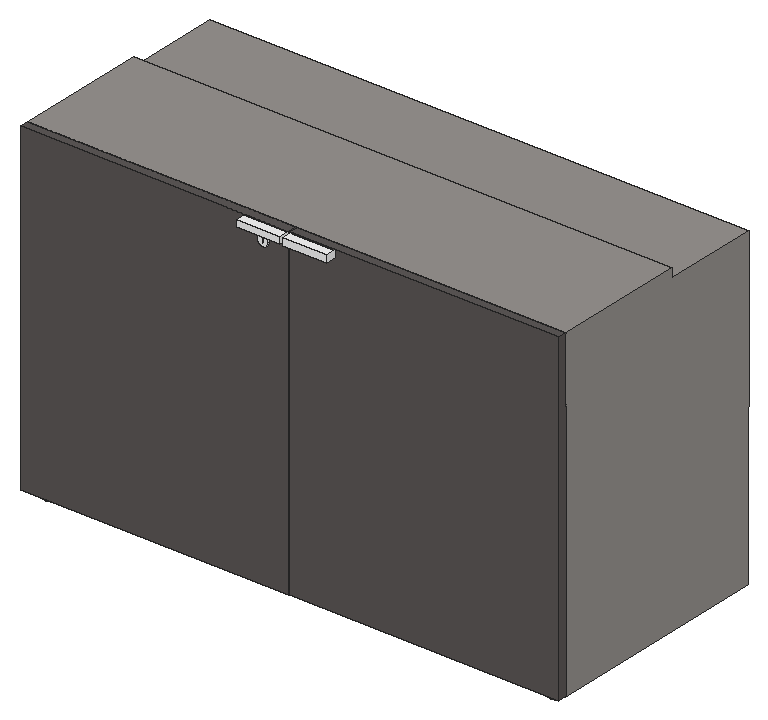
Revit family "Storage-Secondary_Desks-Teknion-BSSD_Cabinet-R2015", category Furniture, Revit 2015
Parameters (values of type "End - 1-3/16" Thick")
  Width [instance] = 42.000"
  Warranty = "http://www.teknion.com/ca/papers/legal-canada"
  Unit Weight URL = "http://www.teknion.com/ca/tools/assets#&asset=bee6a381-b954-425e-8283-5a2de3a804f2,f828d448-4b62-4231-9e5f-9a8991c0ed77"
  URL = "www.teknion.com"
  Two Door Cut Hole Depth [instance] = if(Width > 18.000", 3.000", 1.000")  # 3.000"
  Sustainability Data = "http://www.teknion.com/ca/tools/assets#&topic=216f99a5-57a0-44fc-b10a-9dee9b29ae4c&asset=444deb64-fe58-4b68-981e-f75e97781df7"
  Series = "Expansion Casegoods"  # constant formula
  Pull Finish [instance] = Mica - Teknion - V - Satin - Very White
  Product Page URL = "http://www.teknion.com/ca/products/product-details?productlineid=0053336e-8e7a-673b-a6c8-ff00004460c4"
  Product Line = "Expansion Casegoods"  # constant formula
  Product Documentation Link = "http://www.teknion.com/pricing/expansion-casegoods/pdfs/BSSD_ppg.pdf"
  Part Number = "BSSDM"  # constant formula
  One Door [instance] = if(Width = 18.000", 1 < 2, 1 > 2)  # no
  Model = "BSSDMNH___"
  Manufacturer Phone = "416-661-3370"  # constant formula
  Manufacturer Fax = "416.661.4586"  # constant formula
  Manufacturer Contact Information = "http://www.teknion.com/ca/contactus"
  Manufacturer Address = "1150 Flint Road, Toronto, ON. M3J 2J5. Canada"  # constant formula
  Manufacturer = "Teknion"  # constant formula
  Lock Offset [instance] = if(Width = 18.000", Actual Width / 2 - 1.260", 1.949")  # 1.949"
  Door Front Finish [instance] = Veneer - Teknion - VB - Flintwood - Black Walnut
  Description = "Cabinet for Sec Desk-End Position, Not Under H-A Run-Off, High, 1-3/16\" Thick WS"
  Case Finish [instance] = Source Laminate - Teknion - DE - Latte
  Available Widths [instance] = "18, 24, 30, 36, and 42 inches."  # constant formula
  Assembly Code = "E2020200"
  Actual Width [instance] = if(Width = 42.000", 40.655", if(Width = 36.000", 34.685", if(Width = 30.000", 28.715", if(Width = 24.000", 22.745", 16.775"))))  # 40.655"
  Two Doors [instance] = if(Width > 18.000", 1 < 2, 1 > 2)  # yes
  2D Swing Width [instance] = Actual Width / 2  # 20.3275"
Reference planes (in)
  plane 1 "Center Front/Back": y = 0
  plane 2: z = 0
  plane 3 "Center Left/Right": x = 0.00012
  plane 4 "Left": x = -20.32738
  plane 5 "Right": x = 20.32762
  plane 6 "Back": y = 8.61024
  plane 7 "Front": y = -8.61024
  plane 8 "Top": z = 25.25984
  plane 9: z = 0.60236
  plane 10: z = 24.55906
  plane 11: y = 1.36614
  plane 12: y = -9.31102
  plane 13: z = 0.6811
  plane 14: x = -0.05894
  plane 15: x = 0.05917
  plane 16: y = -10.06299
  plane 17: y = -9.37008
  plane 18: x = -3.39988
  plane 19: x = 3.40012
  plane 20: x = -0.11799
  plane 21: x = 0.11823
  plane 22: z = 24.70079
  plane 23: z = 25.20079
  plane 24: y = -11.06102
Forms (in)
  Extrusion 1, solid, material "Source Laminate - Teknion - DE - Latte" <- "Case Finish"
    sketch origin (0.00012, 0, 0) x (0, 1, 0) y (0, 0, 1)
      loop
        line (8.61024, 24.55906) -> (1.36614, 24.55906) -> (1.36614, 25.25984) -> (-8.61024, 25.25984) -> (-8.61024, 0.60236) -> (8.61024, 0.60236) -> (8.61024, 24.55906)
    from -20.3275 to 20.3275
  Extrusion 2, solid, material "Veneer - Teknion - VB - Flintwood - Black Walnut" <- "Door Front Finish"
    sketch origin (0, 0, 0) x (1, 0, 0) y (0, 0, 1)
      loop
        line (20.32762, 25.25984) -> (-20.32738, 25.25984) -> (-20.32738, 0.6811) -> (20.32762, 0.6811) -> (20.32762, 25.25984)
    from 8.61024 to 9.31102
  Extrusion 3, solid, material "Mica - Teknion - V - Satin - Very White" <- "Pull Finish", visible <- "Two Doors"
    sketch origin (0, 0, 0) x (1, 0, 0) y (0, 1, 0)
      loop
        line (-3.39988, -9.31102) -> (-3.39988, -10.06299) -> (-0.11799, -10.06299) -> (-0.11799, -9.31102) -> (-3.39988, -9.31102)
    from 24.70079 to 25.20079
  Extrusion 4, solid, material "Mica - Teknion - V - Satin - Very White" <- "Pull Finish", visible <- "Two Doors"
    sketch origin (3.51811, 0, 0) x (1, 0, 0) y (0, 1, 0)
      loop
        line (-3.39988, -9.31102) -> (-3.39988, -10.06299) -> (-0.11799, -10.06299) -> (-0.11799, -9.31102) -> (-3.39988, -9.31102)
    from 24.70079 to 25.20079
  Extrusion 5, solid, material "Mica - Teknion - V - Satin - Very White"
    sketch origin (0, 0, 0) x (1, 0, 0) y (0, 0, 1)
      loop
        circle (-1.94888, 24) r 0.39696
      loop
        line (-1.89967, 24.18701) -> (-1.99809, 24.18701) -> (-1.99809, 23.81299) -> (-1.89967, 23.81299) -> (-1.89967, 24.18701)
    from 9.31102 to 9.37008
  Extrusion 6, solid, material "Plastic - Teknion - E - Ebony"
    sketch origin (0, 0, 0) x (1, 0, 0) y (0, 1, 0)
      loop
        circle (-19.06781, 7.97226) r 0.5
    from 0 to 0.60236
  Extrusion 7, solid, material "Plastic - Teknion - E - Ebony"
    sketch origin (0, 0, 0) x (-1, 0, 0) y (0, -1, 0)
      loop
        circle (-19.06804, -7.97226) r 0.5
    from 0 to 0.60236
  Extrusion 8, solid, material "Plastic - Teknion - E - Ebony"
    sketch origin (0, 0, 0) x (1, 0, 0) y (0, 1, 0)
      loop
        circle (-19.06781, -7.97226) r 0.5
    from 0 to 0.60236
  Extrusion 9, solid, material "Plastic - Teknion - E - Ebony"
    sketch origin (0, 0, 0) x (-1, 0, 0) y (0, -1, 0)
      loop
        circle (-19.06804, 7.97226) r 0.5
    from 0 to 0.60236
  Extrusion 10, void
    sketch origin (0, 0, 0) x (1, 0, 0) y (0, 0, 1)
      loop
        line (-0.05894, 25.25984) -> (-0.05894, 0.60236) -> (0.05917, 0.60236) -> (0.05917, 25.25984) -> (-0.05894, 25.25984)
    from 8.06102 to 11.06102
  Extrusion 11, solid, material "Mica - Teknion - V - Satin - Very White" <- "Pull Finish", visible <- "One Door"
    sketch origin (0, 0, 0) x (1, 0, 0) y (0, 1, 0)
      loop
        line (-3.39988, -9.31102) -> (-3.39988, -10.06299) -> (3.40012, -10.06299) -> (3.40012, -9.31102) -> (-3.39988, -9.31102)
    from 24.70079 to 25.20079
Cuts and joins
  Extrusion 10 cuts Extrusion 2
Lines and regions (in)
  Masking region 1
    outline origin (0, 0, 0) x (1, 0, 0) y (0, 1, 0)
      loop
        line (-20.32738, 8.61024) -> (-20.32738, -9.31102) -> (20.32762, -9.31102) -> (20.32762, 8.61024) -> (-20.32738, 8.61024)
  Masking region 2, visible <- "Two Doors"
    outline origin (0, 0, 0) x (1, 0, 0) y (0, 1, 0)
      loop
        line (-0.11799, -10.06299) -> (-0.11799, -9.31102) -> (-3.39988, -9.31102) -> (-3.39988, -10.06299) -> (-0.11799, -10.06299)
  Masking region 3, visible <- "Two Doors"
    outline origin (0, 0, 0) x (1, 0, 0) y (0, 1, 0)
      loop
        line (0.11823, -10.06299) -> (3.40012, -10.06299) -> (3.40012, -9.31102) -> (0.11823, -9.31102) -> (0.11823, -10.06299)
  Masking region 4
    outline origin (0, 0, 0) x (1, 0, 0) y (0, 1, 0)
      loop
        line (-1.55192, -9.37008) -> (-1.55192, -9.31102) -> (-2.34584, -9.31102) -> (-2.34584, -9.37008) -> (-1.55192, -9.37008)
  Masking region 5, visible <- "One Door"
    outline origin (0, 0, 0) x (1, 0, 0) y (0, 1, 0)
      loop
        line (3.40012, -9.31102) -> (-3.39988, -9.31102) -> (-3.39988, -10.06299) -> (3.40012, -10.06299) -> (3.40012, -9.31102)
  symbolic lines, style "FurnitureHiddenLines", detail levels fine
    curve 1: arc (-19.56781, 7.97226, 0) -> (-19.06781, 7.47226, 0) -> (-18.56781, 7.97226, 0) r 0.5
    curve 2: arc (-18.56781, 7.97226, 0) -> (-19.06781, 8.47226, 0) -> (-19.56781, 7.97226, 0) r 0.5
    curve 3: arc (18.56804, 7.97226, 0) -> (19.06804, 7.47226, 0) -> (19.56804, 7.97226, 0) r 0.5
    curve 4: arc (19.56804, 7.97226, 0) -> (19.06804, 8.47226, 0) -> (18.56804, 7.97226, 0) r 0.5
    curve 5: arc (19.56804, -7.97226, 0) -> (19.06804, -7.47226, 0) -> (18.56804, -7.97226, 0) r 0.5
    curve 6: arc (18.56804, -7.97226, 0) -> (19.06804, -8.47226, 0) -> (19.56804, -7.97226, 0) r 0.5
    curve 7: arc (-18.56781, -7.97226, 0) -> (-19.06781, -7.47226, 0) -> (-19.56781, -7.97226, 0) r 0.5
    curve 8: arc (-19.56781, -7.97226, 0) -> (-19.06781, -8.47226, 0) -> (-18.56781, -7.97226, 0) r 0.5
  symbolic lines, detail levels medium+fine
    curve 9: line (20.32762, -8.61024, 0) -> (-20.32738, -8.61024, 0)
    curve 12: line (20.32762, 1.36614, 0) -> (-20.32738, 1.36614, 0)
  symbolic lines, visible <- "Two Doors", detail levels fine
    curve 10: line (-0.05894, -8.61024, 0) -> (-0.05894, -9.31102, 0)
    curve 11: line (0.05917, -9.31102, 0) -> (0.05917, -8.61024, 0)
  symbolic lines, style "FurnitureHiddenLines", visible <- "Two Doors"
    curve 13: line (0.00012, 0, 24.55906) -> (-20.32738, 0, 12.9311)
    curve 14: line (-20.32738, 0, 12.9311) -> (-0.02945, 0, 0.62754)
    curve 15: line (0.00012, 0, 24.55906) -> (20.32762, 0, 12.9311)
    curve 16: line (20.32762, 0, 12.9311) -> (-0.02945, 0, 0.62754)
  symbolic lines, style "FurnitureHiddenLines", visible <- "One Door"
    curve 17: line (-20.32738, 0, 24.55906) -> (20.32762, 0, 12.97047)
    curve 18: line (20.32762, 0, 12.9311) -> (-20.32738, 0, 0.6811)
Dimensions and locks (in)
  equal spacing: plane 4 "Left", plane 3 "Center Left/Right", plane 5 "Right"
  equal spacing: plane 6 "Back", plane 1 "Center Front/Back", plane 7 "Front"
  plane 8 "Top" to level = 25.25984"
  locked: plane 9 to plane 2 at 0.60236
  locked: plane 11 to plane 1 "Center Front/Back" at 1.36614
  locked: plane 8 "Top" to plane 10 at 0.70079
  locked: plane 7 "Front" to plane 12 at 0.70079
  "Actual Width": plane 4 "Left" to plane 5 "Right"
  locked: plane 7 "Front" to plane 6 "Back" at 17.22047
  locked: plane 13 to plane 9 at 0.07874
  plane 15 to plane 3 "Center Left/Right" to plane 14 = 0.05906" locked, 0.05906" locked
  locked: plane 16 to plane 12 at 0.75197
  locked: plane 12 to plane 17 at 0.05906
  plane 20 to plane 3 "Center Left/Right" to plane 21 = 0.11811" locked, 0.11811" locked
  plane 18 to plane 3 "Center Left/Right" to plane 19 = 3.400" locked, 3.400" locked
  plane 8 "Top" to plane 23 to plane 22 = 0.05906" locked, 0.500" locked
  plane 8 "Top" to Extrusion 5 sketch curve to Extrusion 5 sketch curve to Extrusion 5 sketch curve = 1.07283" locked, 0.18701" locked, 0.18701" locked
  locked: plane 6 "Back" to Extrusion 6 sketch curve at 0.63797
  locked: plane 4 "Left" to Extrusion 6 sketch curve at 1.25958
  locked: Extrusion 7 sketch curve to plane 5 "Right" at 1.25958
  locked: plane 6 "Back" to Extrusion 7 sketch curve at 0.63797
  locked: plane 7 "Front" to Extrusion 8 sketch curve at 0.63797
  locked: plane 4 "Left" to Extrusion 8 sketch curve at 1.25958
  locked: Extrusion 9 sketch curve to plane 5 "Right" at 1.25958
  locked: plane 7 "Front" to Extrusion 9 sketch curve at 0.63797
  locked: plane 12 to plane 24 at 1.75
  "Two Door Cut Hole Depth": Extrusion 10 to plane 24
  "Lock Offset": Extrusion 5 sketch curve to plane 3 "Center Left/Right"
  Extrusion 5 sketch curve to Extrusion 5 sketch curve to Extrusion 5 sketch curve = 0.04921" locked, 0.04921" locked
  aligned and locked: level to plane 2
  aligned and locked: plane 10 to Extrusion 1 sketch curve
  aligned and locked: plane 6 "Back" to Extrusion 1 sketch curve
  aligned and locked: plane 9 to Extrusion 1 sketch curve
  aligned and locked: Extrusion 1 sketch curve to plane 7 "Front"
  aligned and locked: plane 11 to Extrusion 1 sketch curve
  aligned and locked: plane 8 "Top" to Extrusion 1 sketch curve
  aligned and locked: Extrusion 1 to plane 4 "Left"
  aligned and locked: Extrusion 1 to plane 5 "Right"
  aligned and locked: Extrusion 2 sketch curve to plane 13
  aligned and locked: Extrusion 2 sketch curve to plane 4 "Left"
  aligned and locked: Extrusion 2 sketch curve to plane 8 "Top"
  aligned and locked: plane 12 to Extrusion 2
  aligned and locked: Extrusion 2 to plane 7 "Front"
  aligned and locked: Extrusion 3 sketch curve to plane 18
  aligned and locked: Extrusion 3 sketch curve to plane 16
  aligned and locked: Extrusion 3 sketch curve to plane 20
  aligned and locked: Extrusion 3 sketch curve to plane 12
  aligned and locked: plane 22 to Extrusion 3
  aligned and locked: plane 23 to Extrusion 3
  aligned and locked: Extrusion 4 to plane 21
  aligned and locked: plane 19 to Extrusion 4
  aligned and locked: plane 22 to Extrusion 4
  aligned and locked: plane 23 to Extrusion 4
  aligned and locked: Extrusion 4 sketch curve to plane 21
  aligned and locked: Extrusion 4 sketch curve to plane 12
  aligned and locked: Extrusion 4 sketch curve to plane 19
  aligned and locked: Extrusion 4 sketch curve to plane 16
  aligned and locked: Extrusion 5 to plane 17
  aligned and locked: Extrusion 5 to plane 12
  aligned and locked: Extrusion 6 to plane 2
  aligned and locked: plane 9 to Extrusion 6
  aligned and locked: Extrusion 8 to plane 2
  aligned and locked: plane 2 to Extrusion 8
  aligned and locked: Extrusion 9 to plane 2
  aligned and locked: Extrusion 7 to plane 2
  aligned and locked: plane 9 to Extrusion 9
  aligned and locked: plane 9 to Extrusion 7
  aligned and locked: plane 9 to Extrusion 8
  aligned and locked: Extrusion 8 to plane 9
  aligned and locked: plane 5 "Right" to Extrusion 2 sketch curve
  aligned and locked: Extrusion 10 sketch curve to plane 14
  aligned and locked: Extrusion 10 sketch curve to plane 15
  aligned and locked: Extrusion 10 sketch curve to plane 8 "Top"
  aligned and locked: Extrusion 10 sketch curve to plane 9
  aligned and locked: Extrusion 10 to plane 24
  aligned and locked: Masking region 1 sketch curve to plane 4 "Left"
  aligned and locked: Masking region 1 sketch curve to plane 6 "Back"
  aligned and locked: Masking region 1 sketch curve to plane 5 "Right"
  aligned and locked: Masking region 1 sketch curve to plane 12
  aligned and locked: curve 1 to Extrusion 6
  aligned and locked: curve 2 to Extrusion 6
  aligned and locked: curve 3 to Extrusion 7
  aligned and locked: curve 4 to Extrusion 7
  aligned and locked: curve 5 to Extrusion 9
  aligned and locked: curve 6 to Extrusion 9
  aligned and locked: curve 7 to Extrusion 8
  aligned and locked: curve 8 to Extrusion 8
  aligned and locked: Masking region 4 sketch curve to Extrusion 5  (x3)
  aligned and locked: plane 12 to Masking region 4 sketch curve
  aligned and locked: curve 10 to cut or joined group of Extrusion 2, Extrusion 10
  aligned and locked: cut or joined group of Extrusion 2, Extrusion 10 to curve 11
  aligned and locked: Extrusion 11 sketch curve to plane 18
  aligned and locked: Extrusion 11 sketch curve to plane 19
  aligned and locked: Extrusion 11 sketch curve to plane 12
  aligned and locked: plane 16 to Extrusion 11 sketch curve
  aligned and locked: plane 23 to Extrusion 11
  aligned and locked: plane 22 to Extrusion 11
  aligned and locked: Masking region 5 sketch curve to plane 19
  aligned and locked: Masking region 5 sketch curve to plane 16
  aligned and locked: Masking region 5 sketch curve to plane 18
  aligned and locked: Masking region 5 sketch curve to plane 12
  aligned and locked: Masking region 2 sketch curve to plane 12
  aligned and locked: Masking region 3 sketch curve to Extrusion 4  (x3)
  aligned and locked: Masking region 3 sketch curve to Extrusion 11
  aligned and locked: Masking region 2 sketch curve to Extrusion 3
  aligned and locked: Masking region 2 sketch curve to Extrusion 11  (x2)
  aligned and locked: nested 1 to plane 12
  aligned and locked: nested 1 to plane 3 "Center Left/Right"
  aligned and locked: plane 12 to nested 2
  aligned and locked: nested 2 to plane 3 "Center Left/Right"
  aligned and locked: plane 10 to curve 13
  aligned and locked: curve 14 to Extrusion 1
  aligned and locked: plane 3 "Center Left/Right" to curve 15
  aligned and locked: plane 5 "Right" to curve 15
  aligned and locked: nested 3 to plane 3 "Center Left/Right"
  aligned and locked: plane 12 to nested 3
  aligned and locked: cut or joined group of Extrusion 2, Extrusion 10 to curve 17
  aligned and locked: plane 4 "Left" to curve 17
  aligned and locked: cut or joined group of Extrusion 2, Extrusion 10 to curve 18
Automatic sketch dimensions
  curve 9 to plane 4 "Left" = 0.000"
  curve 12 to plane 4 "Left" = 0.000"
  curve 12 to plane 5 "Right" = 0.000"
  curve 9 to plane 5 "Right" = 0.000"
  plane 12 to curve 11 = 0.000"
  plane 12 to curve 10 = 0.000"
  plane 7 "Front" to curve 11 = 0.000"
  plane 11 to curve 12 = 0.000"
  curve 18 to plane 13 = 0.000"
  curve 17 to plane 10 = 0.000"
  plane 14 to curve 16 = 0.02948"
  plane 9 to curve 14 = 0.02518"
  curve 15 to plane 10 = 11.62795"
  curve 14 to curve 17 = 11.62795"
  curve 15 to curve 17 = 0.03937"
  radius of Extrusion 6 sketch curve = 0.500"
  radius of Extrusion 7 sketch curve = 0.500"
  radius of Extrusion 8 sketch curve = 0.500"
  radius of Extrusion 9 sketch curve = 0.500"
  radius of Extrusion 5 sketch curve = 0.39696"
Nested families (in)
  nested 1: "Door-Swing_Symbol-Teknion-2D" at (-10.16363, -9.31102, 66.075) x (-1, 0, 0) z (0, 0, 1), Swing Width <- "2D Swing Width", visible <- "Two Doors", type "Door-Swing_Symbol-Teknion-2D", detail levels fine
    with Swing Width 20.3275"
  nested 2: "Door-Swing_Symbol-Teknion-2D" at (10.16387, -9.31102, 66.075), Swing Width <- "2D Swing Width", visible <- "Two Doors", type "Door-Swing_Symbol-Teknion-2D", detail levels fine
    with Swing Width 20.3275"
  nested 3: "Door-Swing_Symbol-Teknion-2D" at (0.00012, -9.31102, 0), Swing Width <- "Actual Width", visible <- "One Door", type "Door-Swing_Symbol-Teknion-2D"
    with Swing Width 40.655"
Definition of nested family "Door-Swing_Symbol-Teknion-2D"
  Parameters (values of type "Door-Swing_Symbol-Teknion-2D")
    Swing Width [instance] = 13.4325"
  Reference planes (in)
    plane 1 "Center (Front/Back)": y = 0
    plane 2: z = 0
    plane 3 "Center (Left/Right)": x = 0
    plane 4: x = -6.71625
    plane 5: x = 6.71625
  Lines and regions (in)
    detail lines, in view "Ref. Level"
      curve 1: line (6.71625, 0, 0) -> (6.71625, -13.4325, 0)
      curve 2: arc (-6.71625, 0, 0) -> (-2.78196, -9.49821, 0) -> (6.71625, -13.4325, 0) r 13.4325
  Dimensions and locks (in)
    equal spacing: plane 4, plane 3 "Center (Left/Right)", plane 5
    "Swing Width": plane 4 to plane 5
    "Swing Width": curve 1 to plane 1 "Center (Front/Back)"
    "Swing Width": radius of curve 2
    aligned and locked: plane 1 "Center (Front/Back)" to curve 1
  Automatic sketch dimensions
    curve 2 to plane 4 = 0.000"
